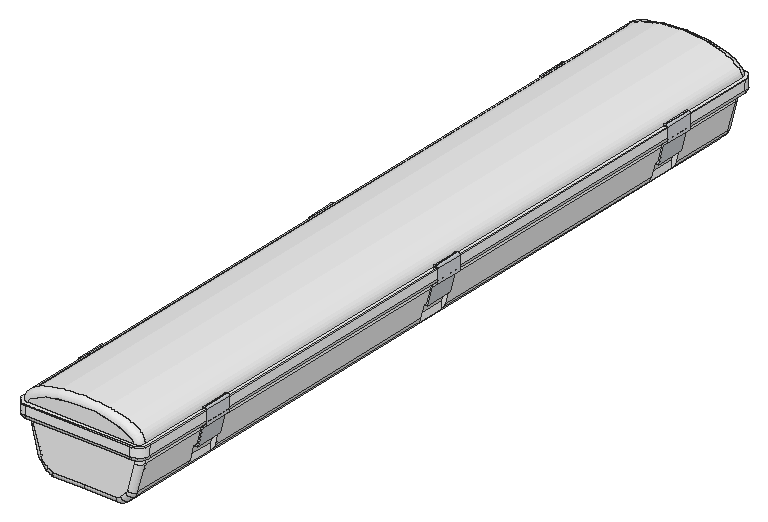
Revit family "0048770 Feilo Sylvania Lighting Fixture HYDROPROOF LED G3 600MM T 4K", category Lighting Fixtures, host Face, Revit 2016
Family settings
  Host = Face
  Part Type = Normal
  Round Connector Dimension = Use Diameter
  OmniClass Number = 23.80.70.11.14
  OmniClass Title = General Luminaries, Directional
  Cut with Voids When Loaded = No
  Light Source = Yes
  Shared = No
  Room Calculation Point = No
Parameters (values of type "0048770 HYDROPROOF LED G3 600MM T 4K  ")
  Width = 110 mm
  Weight = "1.18 kg"
  Wattage Comments = "n/a"
  Wattage = 19 W
  WarrantyStartDate [instance] = "n/a"
  WarrantyGuarantorParts = "n/a"
  WarrantyDurationUnit = "n/a"
  WarrantyDurationParts = "n/a"
  WarrantyDescription = "n/a"
  built-in parameter 1150110 = 1 (stored number, unit not read)
  Voltage = 230 V
  URL = "http://www.sylvania-lighting.com"
  TypeName = "HYDROPROOF LED G3 600MM T 4K"
  Type Image = <None>
  Type Comments = "n/a"
  built-in parameter 1114217 = 1 (stored number, unit not read)
  Tilt Angle = -90.00°
  built-in parameter 1150109 = 1 (stored number, unit not read)
  built-in parameter 1150134 = 12
  built-in parameter 1150113 = 1 (stored number, unit not read)
  SerialNumber [instance] = "n/a"
  ReflectorMaterial = none
  PowerFactor = 0
  PowerConsumption = "19 W"
  Photometric Web File = "0048770.ies"
  NominalWidth = 0 mm
  NominalLength = 665 mm
  NominalHeight = 78 mm
  Name = "HYDROPROOF LED G3 600MM T 4K"
  ModelReference = "HYDROPROOF LED G3 600MM T 4K"
  ModelNumber = "0048770"
  Model = "HYDROPROOF LED G3 600MM T 4K"
  Material = "grp housing, pmma diffuser"
  ManufacturerName = "Feilo Sylvania"
  Manufacturer = "Feilo Sylvania"
  LuminousEfficacy = "145 lm/W"
  built-in parameter 1150105 = 219.24 (stored number, unit not read)
  Lumens = 2755 lm
  LuminaireType = ""
  built-in parameter 1150115 = 1 (stored number, unit not read)
  LightOutputRatio = "n/a"
  built-in parameter 1150137 = (empty or 0)
  built-in parameter 1150139 = (empty or 0)
  Length = 665 mm
  LampsType = Lamp  # "LED"
  LampNominalLuminous = "2800 lm"
  LampMacAdamStep = "3"
  LampColourTemperature = "4000 K"
  LampColourRenderingIndex = "80"
  built-in parameter 1150112 = 1 (stored number, unit not read)
  built-in parameter 1150114 = 1 (stored number, unit not read)
  Lamp = "LED"
  Keynote = "16500"
  InstallationDate [instance] = "n/a"
  InputVoltage = "220-240V~"
  InputNominalFrequency = "50/60 Hz"
  built-in parameter 1150132 = (empty or 0)
  built-in parameter 1150102 = (empty or 0)
  built-in parameter 1150107 = 4000 (stored number, unit not read)
  built-in parameter 1150138 = (empty or 0)
  IngressProtection = "IP65"
  ImpactProtectionIndex = "IK02"
  built-in parameter 1150106 = 2.1924 (stored number, unit not read)
  IfcExportType = "IfcLightFixtureType"
  IfcExportAs = "IfcLightFixtureType"
  ExpectedLife = 50000
  Emit from Rectangle Width = Width - 20 mm  # 90 mm
  Emit from Rectangle Length = Length - 20 mm  # 645 mm
  Emit Shape Visible in Rendering = no
  ElectricShockClassification = "Class I"
  built-in parameter 1150104 = 13.471 (stored number, unit not read)
  DurationUnit = "hours"
  DocumentationLiterature = "http://www.sylvania-lighting.com/product/en-int/products/0048770"
  DimmingControlOptions = "Non dimmable"
  Dimming Lamp Color Temperature Shift = <None>
  DiffuserMaterial = Diffuser-Sylvania-Transparent
  Description = "Hydroproof, integrated LED chemical resistant weatherproof luminaire, with UV stabilized flat diffuser and linear prisms designed to achieve uniform lit appearance, optimise light output and to reduce glare, stainless steel diffuser clips and fixing brackets for surface and wall mounting. L 665 mm x W 110 mm x H 78 mm size, GRP housing, PMMA diffuser, Non dimmable,   4000K, CRI80,  2800 lm, 19 W, 145 lm/W, nominal average life (h):50000, energy class: A++ A+ A Class I,IK02, IP65."
  Default Elevation = 1219.2 mm
  CreatedOn = "3/27/2018"
  CreatedBy = "aron.fodor@feilosylvania.com"
  Cost = 0
  Color Filter = 16777215
  built-in parameter 1114216 [instance] = (empty or 0)
  ClassificationValue = "EF_70_80"
  ClassificationName = "Uniclass2015"
  BracketOffset_FEILO = 360 mm
  BodyMaterial = Body-Sylvania-Gray
  BarCode [instance] = "n/a"
  built-in parameter 1114218 = 1 (stored number, unit not read)
  built-in parameter 1150133 = 10 (stored number, unit not read)
  AssetType = "Fixed"
  AssetIdentifier [instance] = "n/a"
  Assembly Code = "D5020200"
  Apparent Load = 19 VA
  AccessoryMaterial = Diffuser-Sylvania-Glow
Reference planes
  plane 1 "Center (Front/Back)": y = 0
  plane 2: z = 0
  plane 3 "Center (Left/Right)": x = 0
  plane 4: z = 54
  plane 5: x = -27.7
  plane 6: x = -34.8
  plane 7: x = -39.6
  plane 8: x = -42.2
  plane 9: z = 3
  plane 10: z = 7.8
  plane 11: z = 12.3
  plane 12: z = 36.6
  plane 13: z = 42.8
  plane 14: x = -51.1
  plane 15: z = 46.2
  plane 16: x = -55
  plane 17: y = 332.5
  plane 18: y = -332.5
  plane 19: x = 27.7
  plane 20: x = 34.8
  plane 21: x = 39.6
  plane 22: x = 42.2
  plane 23: x = 51.1
  plane 24: x = 55
  plane 25: y = 324.9
  plane 26: y = -324.9
  plane 27: y = -321.2
  plane 28: y = 321.2
  plane 29: z = 74
  plane 30: x = -51.5
  plane 31: x = 51.5
  plane 32: z = 55.2
  plane 33: y = -329
  plane 34: y = 329
  plane 35: x = -37.5
  plane 36: x = 37.5
  plane 37: x = -48.7
  plane 38: x = 48.7
  plane 39: x = 18
  plane 40: x = -18
  plane 41: z = 50.2
  plane 42: z = 24.6
  plane 43: y = 720
  plane 44: y = 706
  plane 45: y = 734
  plane 46: y = 250
  plane 47: y = 236
  plane 48: y = 264
  plane 49: y = 0
  plane 50: y = -14
  plane 51: y = 14
  plane 52: y = -250
  plane 53: y = -264
  plane 54: y = -236
Forms (mm)
  Sweep 1, solid, material "Body-Sylvania-Gray" <- "BodyMaterial", detail levels medium+fine
    path origin (1223.4, -4572, 54) x (0, -1, 0) y (1, 0, 0)
      loop
        arc (-4249.5, -1278.4) -> (-4242.429, -1275.471) -> (-4239.5, -1268.4) r 10
        line (-4239.5, -1268.4) -> (-4239.5, -1178.4)
        arc (-4239.5, -1178.4) -> (-4242.429, -1171.329) -> (-4249.5, -1168.4) r 10
        line (-4249.5, -1168.4) -> (-4894.5, -1168.4)
        arc (-4894.5, -1168.4) -> (-4901.571, -1171.329) -> (-4904.5, -1178.4) r 10
        line (-4904.5, -1178.4) -> (-4904.5, -1268.4)
        arc (-4904.5, -1268.4) -> (-4901.571, -1275.471) -> (-4894.5, -1278.4) r 10
        line (-4894.5, -1278.4) -> (-4249.5, -1278.4)
    profile origin (-55, 0, 54) x (-1, 0, 0) y (0, 0, 1)
      loop
        line (0, 0) -> (-1, 0) -> (-1, -7.726)
        arc (-1, -7.726) -> (-1.994, -9.498) -> (-3.9, -10.2) r 2.937
        line (-3.9, -10.2) -> (-8.571, -10.2) -> (-8.571, -11.2) -> (-3.9, -11.2)
        arc (-3.9, -11.2) -> (-1.313, -10.231) -> (0, -7.8) r 3.937
        line (0, -7.8) -> (0, 0)
  Sweep 2, solid, material "Body-Sylvania-Gray" <- "BodyMaterial", detail levels medium+fine
    path origin (0, 0, 0) x (1, 0, 0) y (0, 0, 1)
      loop
        line (48.7, 42.8) -> (48.7, 36.6) -> (42.203, 12.31)
        arc (42.203, 12.31) -> (41.199, 9.884) -> (39.6, 7.8) r 10.052
        line (39.6, 7.8) -> (34.8, 3)
        arc (34.8, 3) -> (31.554, 0.781) -> (27.7, 0) r 9.902
        line (27.7, 0) -> (0, 0) -> (-27.7, 0)
        arc (-27.7, 0) -> (-31.554, 0.781) -> (-34.8, 3) r 9.902
        line (-34.8, 3) -> (-39.6, 7.8)
        arc (-39.6, 7.8) -> (-41.199, 9.884) -> (-42.203, 12.31) r 10.052
        line (-42.203, 12.31) -> (-48.7, 36.6) -> (-48.7, 42.8)
    profile origin (0, 0, 0) x (0, 0, -1) y (0, -1, 0)
      loop
        arc (0, 319.9) -> (-1.464, 323.436) -> (-5, 324.9) r 5
        line (-5, 324.9) -> (-7.8, 324.9) -> (-7.8, -324.9) -> (-5, -324.9)
        arc (-5, -324.9) -> (-1.464, -323.436) -> (0, -319.9) r 5
        line (0, -319.9) -> (0, 319.9)
  Extrusion 3, solid, material "Body-Sylvania-Gray" <- "BodyMaterial", detail levels medium+fine
    sketch origin (1524, 324.9, 1219.2) x (1, 0, 0) y (0, 0, 1)
      loop
        arc (-1558.668, -1204.874) -> (-1558.443, -1205.418) -> (-1558.085, -1205.885) r 2.252
        line (-1558.085, -1205.885) -> (-1553.231, -1210.738)
        arc (-1553.231, -1210.738) -> (-1552.534, -1211.227) -> (-1551.7, -1211.4) r 2.102
        line (-1551.7, -1211.4) -> (-1496.3, -1211.4)
        arc (-1496.3, -1211.4) -> (-1495.466, -1211.227) -> (-1494.769, -1210.738) r 2.102
        line (-1494.769, -1210.738) -> (-1489.915, -1205.885)
        arc (-1489.915, -1205.885) -> (-1489.557, -1205.418) -> (-1489.332, -1204.874) r 2.252
        line (-1489.332, -1204.874) -> (-1483.1, -1181.575) -> (-1483.1, -1176.4) -> (-1564.9, -1176.4) -> (-1564.9, -1181.575) -> (-1558.668, -1204.874)
    from 0 to 649.8
  Sweep 4, solid, material "Diffuser-Sylvania-Transparent" <- "DiffuserMaterial", detail levels medium+fine
    path origin (0, 0, 0) x (1, 0, 0) y (0, 0, 1)
      loop
        spline (-51.5, 55.2) -> (-49.745, 60.066) -> (-44.6, 64.6) -> (-36.416, 68.494) -> (-25.75, 71.481) -> (-13.329, 73.359) -> (0, 74) -> (13.329, 73.359) -> (25.75, 71.481) -> (36.416, 68.494) -> (44.6, 64.6) -> (49.745, 60.066) -> (51.5, 55.2)
    profile origin (51.5, 0, 55.2) x (0, -1, 0) y (1, 0, 0)
      loop
        arc (329, -5.5) -> (327.389, -1.611) -> (323.5, 0) r 5.5
        line (323.5, 0) -> (-323.5, 0)
        arc (-323.5, 0) -> (-327.389, -1.611) -> (-329, -5.5) r 5.5
        line (-329, -5.5) -> (-329, -6.3) -> (-328, -6.3) -> (-328, -5.5)
        arc (-328, -5.5) -> (-326.682, -2.318) -> (-323.5, -1) r 4.5
        line (-323.5, -1) -> (323.5, -1)
        arc (323.5, -1) -> (326.682, -2.318) -> (328, -5.5) r 4.5
        line (328, -5.5) -> (328, -6.347) -> (329, -6.347) -> (329, -5.5)
  Extrusion 5, solid, material "Diffuser-Sylvania-Transparent" <- "DiffuserMaterial", detail levels medium+fine
    sketch origin (1524, -329, 1219.2) x (1, 0, 0) y (0, 0, 1)
      loop
        line (-1569.653, -1164) -> (-1478.347, -1164)
        spline (-1478.347, -1164) -> (-1478.969, -1162.594) -> (-1482.527, -1159.545) -> (-1489.588, -1156.201) -> (-1499.458, -1153.445) -> (-1511.242, -1151.663) -> (-1524, -1151.049) -> (-1536.758, -1151.663) -> (-1548.542, -1153.445) -> (-1558.412, -1156.201) -> (-1565.473, -1159.545) -> (-1569.031, -1162.594) -> (-1569.653, -1164)
    from 0 to -1
  Extrusion 6, solid, material "Diffuser-Sylvania-Transparent" <- "DiffuserMaterial", detail levels medium+fine
    sketch origin (1524, 329, 1219.2) x (1, 0, 0) y (0, 0, 1)
      loop
        spline (-1478.3, -1164) -> (-1478.931, -1162.565) -> (-1482.502, -1159.505) -> (-1489.572, -1156.155) -> (-1499.446, -1153.394) -> (-1511.236, -1151.614) -> (-1524, -1151.007) -> (-1536.764, -1151.614) -> (-1548.554, -1153.394) -> (-1558.428, -1156.155) -> (-1565.498, -1159.505) -> (-1569.069, -1162.565) -> (-1569.7, -1164)
        line (-1569.7, -1164) -> (-1478.3, -1164)
    from 0 to 1
  Extrusion 7, solid, material "Diffuser-Sylvania-Transparent" <- "DiffuserMaterial", detail levels medium+fine
    sketch origin (1223.4, -4572, 55.2) x (0, -1, 0) y (-1, 0, 0)
      loop
        arc (-4900, 1177.4) -> (-4898.682, 1174.218) -> (-4895.5, 1172.9) r 4.5
        line (-4895.5, 1172.9) -> (-4248.5, 1172.9)
        arc (-4248.5, 1172.9) -> (-4245.318, 1174.218) -> (-4244, 1177.4) r 4.5
        line (-4244, 1177.4) -> (-4244, 1269.4)
        arc (-4244, 1269.4) -> (-4245.318, 1272.582) -> (-4248.5, 1273.9) r 4.5
        line (-4248.5, 1273.9) -> (-4895.5, 1273.9)
        arc (-4895.5, 1273.9) -> (-4898.682, 1272.582) -> (-4900, 1269.4) r 4.5
        line (-4900, 1269.4) -> (-4900, 1177.4)
      loop
        line (-4904.5, 1268.4) -> (-4904.5, 1178.4)
        arc (-4904.5, 1178.4) -> (-4901.571, 1171.329) -> (-4894.5, 1168.4) r 10
        line (-4894.5, 1168.4) -> (-4249.5, 1168.4)
        arc (-4249.5, 1168.4) -> (-4242.429, 1171.329) -> (-4239.5, 1178.4) r 10
        line (-4239.5, 1178.4) -> (-4239.5, 1268.4)
        arc (-4239.5, 1268.4) -> (-4242.429, 1275.471) -> (-4249.5, 1278.4) r 10
        line (-4249.5, 1278.4) -> (-4894.5, 1278.4)
        arc (-4894.5, 1278.4) -> (-4901.571, 1275.471) -> (-4904.5, 1268.4) r 10
    from 0 to 1.2
  Extrusion 8, solid, material "Diffuser-Sylvania-Glow" <- "AccessoryMaterial", detail levels fine
    sketch origin (0, 0, 0) x (1, 0, 0) y (0, 0, 1)
      loop
        circle (-18, 50.2) r 8
      loop
        circle (18, 50.2) r 8
    from -321.2 to 321.2
  Extrusion 9, solid, material "Body-Sylvania-Gray" <- "BodyMaterial", detail levels coarse
    sketch origin (0, 0, 0) x (1, 0, 0) y (0, 0, 1)
      loop
        line (55, 42.8) -> (55, 55.2) -> (-55, 55.2) -> (-55, 42.791) -> (-42.2, 0) -> (42.2, 0) -> (55, 42.8)
    from -332.5 to 332.5
  Extrusion 10, solid, material "Diffuser-Sylvania-Transparent" <- "DiffuserMaterial", detail levels coarse
    sketch origin (0, 0, 0) x (1, 0, 0) y (0, 0, 1)
      loop
        arc (51.5, 55.2) -> (0, 74) -> (-51.5, 55.2) r 79.939
        line (-51.5, 55.2) -> (51.5, 55.2)
    from 324.9 to -324.9
  Extrusion 11, void, not visible
    sketch origin (0, 720, 2343.807) x (0, 0, -1) y (-1, 0, 0)
      loop
        line (2340.807, -37.5) -> (2331.507, -37.5) -> (2319.207, -42.2) -> (2319.207, -48.7) -> (2340.807, -48.7) -> (2340.807, -37.5)
      loop
        line (2340.807, 37.5) -> (2340.807, 48.7) -> (2319.207, 48.7) -> (2319.207, 42.2) -> (2331.507, 37.5) -> (2340.807, 37.5)
    from -14 to 14
  Extrusion 12, void
    sketch origin (0, 250, 2343.807) x (0, 0, -1) y (-1, 0, 0)
      loop
        line (2340.807, -37.5) -> (2331.507, -37.5) -> (2319.207, -42.2) -> (2319.207, -48.7) -> (2340.807, -48.7) -> (2340.807, -37.5)
      loop
        line (2340.807, 37.5) -> (2340.807, 48.7) -> (2319.207, 48.7) -> (2319.207, 42.2) -> (2331.507, 37.5) -> (2340.807, 37.5)
    from -14 to 14
  Extrusion 13, void
    sketch origin (0, 0, 2343.807) x (0, 0, -1) y (-1, 0, 0)
      loop
        line (2340.807, -37.5) -> (2331.507, -37.5) -> (2319.207, -42.2) -> (2319.207, -48.7) -> (2340.807, -48.7) -> (2340.807, -37.5)
      loop
        line (2340.807, 37.5) -> (2340.807, 48.7) -> (2319.207, 48.7) -> (2319.207, 42.2) -> (2331.507, 37.5) -> (2340.807, 37.5)
    from -14 to 14
  Extrusion 14, void
    sketch origin (0, -250, 2343.807) x (0, 0, -1) y (-1, 0, 0)
      loop
        line (2340.807, -37.5) -> (2331.507, -37.5) -> (2319.207, -42.2) -> (2319.207, -48.7) -> (2340.807, -48.7) -> (2340.807, -37.5)
      loop
        line (2340.807, 37.5) -> (2340.807, 48.7) -> (2319.207, 48.7) -> (2319.207, 42.2) -> (2331.507, 37.5) -> (2340.807, 37.5)
    from -14 to 14
Cuts and joins
  Extrusion 12, Extrusion 13, Extrusion 14 cuts Sweep 2
  Extrusion 12, Extrusion 13, Extrusion 14 cuts Extrusion 3
  joined: Sweep 2, Extrusion 3
  joined: Sweep 4, Extrusion 5, Extrusion 6
Dimensions and locks
  locked: plane 4 to plane 2 at 54
  plane 5 to plane 6 to plane 7 to plane 8 to plane 14 to plane 16 = 7.1 mm locked, 4.8 mm locked, 2.6 mm locked, 8.9 mm, 3.9 mm
  plane 4 to plane 15 to plane 13 to plane 12 to plane 11 to plane 10 to plane 9 = 7.8 mm locked, 3.4 mm, 6.2 mm locked, 24.3 mm locked, 4.5 mm locked, 4.8 mm locked
  equal spacing: plane 18, plane 1 "Center (Front/Back)", plane 17
  "Length": plane 18 to plane 17
  plane 19 to plane 20 to plane 21 to plane 22 to plane 23 to plane 24 = 7.1 mm locked, 4.8 mm locked, 2.6 mm locked, 8.9 mm, 3.9 mm
  equal spacing: plane 24, plane 3 "Center (Left/Right)", plane 16
  "Width": plane 24 to plane 16
  equal spacing: plane 27, plane 1 "Center (Front/Back)", plane 28
  locked: plane 26 to plane 27 at 3.7
  locked: Sweep 1 sketch curve to profile plane at 1
  locked: Sweep 1 sketch curve to plane 13 at 1
  locked: Sweep 1 sketch curve to plane 13 at 3.937  (x2)
  locked: Sweep 1 sketch curve to profile plane at 3.9  (x2)
  locked: plane 29 to plane 4 at 20
  equal spacing: plane 31, plane 3 "Center (Left/Right)", plane 30
  locked: plane 30 to plane 16 at 3.5
  locked: plane 32 to plane 4 at 1.2
  equal spacing: plane 33, plane 1 "Center (Front/Back)", plane 34
  equal spacing: plane 36, plane 3 "Center (Left/Right)", plane 35
  locked: plane 3 "Center (Left/Right)" to plane 35 at 37.5
  locked: plane 34 to plane 17 at 3.5
  equal spacing: plane 38, plane 3 "Center (Left/Right)", plane 37
  locked: plane 37 to plane 16 at 6.3
  equal spacing: plane 25, plane 1 "Center (Front/Back)", plane 26
  locked: plane 17 to plane 25 at 7.6
  locked: Sweep 2 sketch curve to plane 2 at 5  (x2)
  locked: Sweep 2 sketch curve to plane 26 at 5
  locked: plane 25 to Sweep 2 sketch curve at 5
  locked: Sweep 4 sketch curve to plane 31 at 5.5  (x2)
  locked: Sweep 4 sketch curve to plane 34 at 5.5
  plane 33 to Sweep 4 sketch curve = 5.5 mm
  locked: plane 34 to Sweep 4 sketch curve at 1
  locked: Sweep 4 sketch curve to plane 31 at 1
  locked: Sweep 4 sketch curve to Sweep 4 sketch curve at 1
  locked: Sweep 4 sketch curve to plane 31 at 6.347
  locked: Sweep 4 sketch curve to plane 31 at 6.3
  equal spacing: plane 39, plane 3 "Center (Left/Right)", plane 40
  locked: plane 3 "Center (Left/Right)" to plane 40 at 18
  locked: plane 42 to plane 2 at 24.6
  plane 45 to plane 43 to plane 44 = 14 mm locked, 14 mm locked
  plane 48 to plane 46 to plane 47 = 14 mm locked, 14 mm locked
  plane 51 to plane 49 to plane 50 = 14 mm locked, 14 mm locked
  plane 54 to plane 52 to plane 53 = 14 mm locked, 14 mm locked
  equal spacing: plane 46, plane 1 "Center (Front/Back)", plane 52
  locked: plane 46 to plane 1 "Center (Front/Back)" at 250
  aligned and locked: plane 2 to host face
  aligned and locked: level to host face
  aligned and locked: plane 16 to Sweep 1 sketch curve
  aligned and locked: Sweep 1 sketch curve to plane 24
  aligned and locked: plane 18 to Sweep 1 sketch curve
  aligned and locked: Sweep 1 sketch curve to plane 13
  aligned and locked: profile plane to Sweep 1 sketch curve
  aligned and locked: plane 3 "Center (Left/Right)" to Sweep 2 sketch curve
  aligned and locked: plane 9 to Sweep 2 sketch curve
  aligned and locked: plane 10 to Sweep 2 sketch curve
  aligned and locked: plane 37 to Sweep 2 sketch curve
  aligned and locked: plane 12 to Sweep 2 sketch curve
  aligned and locked: Sweep 2 sketch curve to level
  aligned and locked: plane 21 to Sweep 2 sketch curve
  aligned and locked: plane 38 to Sweep 2 sketch curve
  aligned and locked: profile plane to Sweep 2 sketch curve
  aligned and locked: plane 25 to Sweep 2 sketch curve
  aligned and locked: Sweep 2 sketch curve to plane 10
  aligned and locked: Extrusion 3 sketch curve to Sweep 2  (x7)
  aligned and locked: Sweep 2 to Extrusion 3 sketch curve
  aligned and locked: Extrusion 3 to plane 25
  aligned and locked: plane 26 to Extrusion 3
  aligned and locked: plane 32 to Sweep 4 sketch curve
  aligned and locked: plane 33 to Sweep 4 sketch curve
  aligned and locked: Sweep 4 to Extrusion 5
  aligned and locked: plane 33 to Extrusion 5
  aligned and locked: Extrusion 5 sketch curve to Sweep 4
  aligned and locked: cut or joined group of Sweep 4, Extrusion 5, Extrusion 6 to Extrusion 6 sketch curve
  aligned and locked: Extrusion 7 sketch curve to cut or joined group of Sweep 4, Extrusion 5, Extrusion 6  (x2)
  aligned and locked: cut or joined group of Sweep 4, Extrusion 5, Extrusion 6 to Extrusion 7 sketch curve  (x2)
  aligned and locked: plane 41 to Extrusion 8 sketch curve  (x2)
  aligned and locked: plane 39 to Extrusion 8 sketch curve
  aligned and locked: plane 27 to Extrusion 8
  aligned and locked: Extrusion 8 to plane 28
  aligned and locked: Extrusion 7 sketch curve to Sweep 1  (x4)
  aligned and locked: plane 4 to Extrusion 7
  aligned and locked: Extrusion 7 to plane 32
  aligned and locked: Extrusion 9 sketch curve to plane 24
  aligned and locked: Extrusion 9 sketch curve to Extrusion 7
  aligned and locked: plane 8 to Extrusion 9 sketch curve
  aligned and locked: plane 22 to Extrusion 9 sketch curve
  aligned and locked: level to Extrusion 9 sketch curve
  aligned and locked: Extrusion 9 to plane 17
  aligned and locked: plane 18 to Extrusion 9
  aligned and locked: cut or joined group of Sweep 4, Extrusion 5, Extrusion 6 to Extrusion 10 sketch curve
  aligned and locked: Extrusion 10 sketch curve to cut or joined group of Sweep 4, Extrusion 5, Extrusion 6  (x2)
  aligned and locked: plane 31 to Extrusion 10 sketch curve
  aligned and locked: plane 30 to Extrusion 10 sketch curve
  aligned and locked: plane 26 to Extrusion 10
  aligned and locked: Extrusion 10 to plane 25
  aligned and locked: imposter light to plane 29
  aligned and locked: plane 3 "Center (Left/Right)" to imposter light
  aligned and locked: plane 1 "Center (Front/Back)" to imposter light
  aligned and locked: plane 47 to Extrusion 12
  aligned and locked: Extrusion 12 to plane 48
  aligned and locked: plane 50 to Extrusion 13
  aligned and locked: Extrusion 13 to plane 51
  aligned and locked: plane 53 to Extrusion 14
  aligned and locked: Extrusion 14 to plane 54
  aligned and locked: nested 1 to plane 46
  aligned and locked: plane 46 to nested 6
  aligned and locked: nested 2 to plane 49
  aligned and locked: plane 49 to nested 5
  aligned and locked: nested 3 to plane 52
  aligned and locked: plane 52 to nested 4
  aligned and locked: plane 49 to plane 1 "Center (Front/Back)"
Automatic sketch dimensions
  host sketch curve to host sketch curve = 2438.4 mm  (x2)
  plane 17 to Sweep 1 sketch curve = 0 mm
  Sweep 1 sketch curve to plane 28 = 1.3 mm
  Sweep 1 sketch curve to plane 7 = 5.4 mm
  plane 27 to Sweep 1 sketch curve = 1.3 mm  (x2)
  Sweep 1 sketch curve to Sweep 1 sketch curve = 4.671 mm
  Sweep 1 sketch curve to plane 4 = 0 mm
  Sweep 2 sketch curve to plane 7 = 0 mm
  Sweep 2 sketch curve to plane 6 = 0 mm
  Sweep 2 sketch curve to plane 5 = 0 mm
  plane 19 to Sweep 2 sketch curve = 0 mm
  Sweep 2 sketch curve to plane 9 = 0 mm
  plane 20 to Sweep 2 sketch curve = 0 mm
  Sweep 2 sketch curve to plane 12 = 0 mm
  Sweep 2 sketch curve to plane 10 = 0 mm
  Sweep 2 sketch curve to plane 13 = 0 mm  (x2)
  Sweep 2 sketch curve to plane 8 = 0.003 mm
  plane 6 to Sweep 2 sketch curve = 2.308 mm
  plane 20 to Sweep 2 sketch curve = 2.308 mm
  Sweep 2 sketch curve to plane 22 = 0.003 mm
  Sweep 2 sketch curve to plane 11 = 0.01 mm  (x2)
  Extrusion 3 sketch curve to plane 5 = 0 mm
  plane 19 to Extrusion 3 sketch curve = 0 mm
  plane 6 to Extrusion 3 sketch curve = 0.132 mm
  plane 6 to Extrusion 3 sketch curve = 0.715 mm
  Extrusion 3 sketch curve to Extrusion 3 sketch curve = 1.592 mm
  Extrusion 3 sketch curve to plane 10 = 0.662 mm  (x2)
  plane 20 to Extrusion 3 sketch curve = 2.308 mm
  plane 20 to Extrusion 3 sketch curve = 0.715 mm
  plane 20 to Extrusion 3 sketch curve = 0.132 mm
  Sweep 4 sketch curve to plane 30 = 0 mm
  Sweep 4 sketch curve to plane 3 "Center (Left/Right)" = 0 mm
  Sweep 4 sketch curve to Sweep 4 sketch curve = 0 mm  (x2)
  plane 37 to Extrusion 5 sketch curve = 3.047 mm
  Extrusion 5 sketch curve to plane 38 = 3.047 mm
  plane 37 to Extrusion 6 sketch curve = 3 mm
  Extrusion 6 sketch curve to plane 38 = 3 mm
  plane 25 to Extrusion 7 sketch curve = 1.4 mm  (x2)
  Extrusion 7 sketch curve to plane 26 = 1.4 mm  (x2)
  Extrusion 8 sketch curve to plane 40 = 0 mm
  Extrusion 9 sketch curve to plane 13 = 0 mm
  plane 13 to Extrusion 9 sketch curve = 0.009 mm
  Extrusion 10 sketch curve to level = 5.939 mm
  Extrusion 9 sketch curve to plane 16 = 0 mm
  Extrusion 11 sketch curve to Extrusion 11 sketch curve = 0 mm
  Extrusion 11 sketch curve to Extrusion 11 sketch curve = 12.3 mm  (x2)
  Extrusion 11 sketch curve to Extrusion 11 sketch curve = 9.3 mm  (x2)
  Extrusion 11 sketch curve to Extrusion 11 sketch curve = 6.5 mm
  Extrusion 11 sketch curve to Extrusion 11 sketch curve = 4.7 mm  (x2)
  Extrusion 11 sketch curve to Extrusion 11 sketch curve = 75 mm
  Extrusion 11 sketch curve to Extrusion 11 sketch curve = 11.2 mm
  Extrusion 12 sketch curve to Extrusion 12 sketch curve = 0 mm
  Extrusion 12 sketch curve to Extrusion 12 sketch curve = 12.3 mm  (x2)
  Extrusion 12 sketch curve to Extrusion 12 sketch curve = 9.3 mm  (x2)
  Extrusion 12 sketch curve to Extrusion 12 sketch curve = 6.5 mm
  Extrusion 12 sketch curve to Extrusion 12 sketch curve = 4.7 mm  (x2)
  Extrusion 12 sketch curve to Extrusion 12 sketch curve = 75 mm
  Extrusion 12 sketch curve to Extrusion 12 sketch curve = 11.2 mm
  Extrusion 13 sketch curve to Extrusion 13 sketch curve = 0 mm
  Extrusion 13 sketch curve to Extrusion 13 sketch curve = 12.3 mm  (x2)
  Extrusion 13 sketch curve to Extrusion 13 sketch curve = 9.3 mm  (x2)
  Extrusion 13 sketch curve to Extrusion 13 sketch curve = 6.5 mm
  Extrusion 13 sketch curve to Extrusion 13 sketch curve = 4.7 mm  (x2)
  Extrusion 13 sketch curve to Extrusion 13 sketch curve = 75 mm
  Extrusion 13 sketch curve to Extrusion 13 sketch curve = 11.2 mm
  Extrusion 14 sketch curve to Extrusion 14 sketch curve = 0 mm
  Extrusion 14 sketch curve to Extrusion 14 sketch curve = 12.3 mm  (x2)
  Extrusion 14 sketch curve to Extrusion 14 sketch curve = 9.3 mm  (x2)
  Extrusion 14 sketch curve to Extrusion 14 sketch curve = 6.5 mm
  Extrusion 14 sketch curve to Extrusion 14 sketch curve = 4.7 mm  (x2)
  Extrusion 14 sketch curve to Extrusion 14 sketch curve = 75 mm
  Extrusion 14 sketch curve to Extrusion 14 sketch curve = 11.2 mm
  radius of Extrusion 8 sketch curve = 8 mm  (x2)
Nested families
  nested 1: "Clip" at (-42.2, 250, 24.6) x (-1, 0, 0) z (0, 0, 1), type "Clip", detail levels fine
  nested 2: "Clip" at (-42.2, 0, 24.6) x (-1, 0, 0) z (0, 0, 1), type "Clip", detail levels fine
  nested 3: "Clip" at (-42.2, -250, 24.6) x (-1, 0, 0) z (0, 0, 1), type "Clip", detail levels fine
  nested 4: "Clip" at (42.2, -250, 24.6), type "Clip", detail levels fine
  nested 5: "Clip" at (42.2, 0, 24.6), type "Clip", detail levels fine
  nested 6: "Clip" at (42.2, 250, 24.6), type "Clip", detail levels fine
Connectors
  electrical at (0, 0, 0), driven by "Apparent Load"
    settings: index 1, voltage 230 V, apparent load 19 VA, apparent load phase1 0 VA, apparent load phase2 0 VA, apparent load phase3 0 VA, power factor 0, load classification "Lighting", number of poles 1, system type 30, power factor state 1, is connector primary yes, connector utility no, sub classification motor no, connector description ""
Definition of nested family "Clip"
  Parameters (values of type "Clip")
    URL = "http://www.feilosylvania.com"
    Type Comments = "n/a"
    Model = "n/a"
    Manufacturer = "Feilo Sylvania"
    Keynote = "n/a"
    Description = "n/a"
    Default Elevation = 1219.2 mm
    Cost = 0
    BodyMaterial = none
    Assembly Code = "n/a"
  Reference planes
    plane 1 "Center (Front/Back)": y = 0
    plane 2: z = 0
    plane 3 "Center (Left/Right)": x = 0
    plane 4: x = 3.3
    plane 5: x = 6.5
    plane 6: x = 8.9
    plane 7: x = 12.8
    plane 8: z = 12
    plane 9: z = 18.2
    plane 10: z = 21.6
    plane 11: z = 30.6
    plane 12: x = 9.3
    plane 13: z = 19.2
    plane 14: z = 16.2
    plane 15: x = 10.1
    plane 16: y = 12
    plane 17: y = -12
  Forms (mm)
    Extrusion 1, solid
      sketch origin (-0.8, 0, 0) x (1, 0, 0) y (0, 1, 0)
        loop
          line (-1219.2, 1219.2) -> (-1219.2, -1219.2) -> (1219.2, -1219.2) -> (1219.2, 1219.2) -> (-1219.2, 1219.2)
      from 0 to -304.8
    Extrusion 2, solid
      sketch origin (0, 0, 0) x (1, 0, 0) y (0, 0, 1)
        loop
          line (8.9, 16.2) -> (4.58, 0) -> (0, 0) -> (0, -0.8) -> (5.195, -0.8) -> (9.603, 15.731) -> (13.6, 18.806) -> (13.6, 30.6)
          arc (13.6, 30.6) -> (11.45, 32.75) -> (9.3, 30.6) r 2.15
          line (9.3, 30.6) -> (10.1, 30.6)
          arc (10.1, 30.6) -> (11.45, 31.95) -> (12.8, 30.6) r 1.35
          line (12.8, 30.6) -> (12.8, 19.2) -> (8.9, 16.2)
      from -12 to 12
  Lines and regions (mm)
    reference lines
      curve 1: line (3.3, 0, 0) -> (6.5, 0, 12)
      curve 2: arc (8.9, 0, 18.2) -> (11.488, 0, 19.169) -> (12.8, 0, 21.6) r 3.934
  Dimensions and locks
    plane 7 to plane 6 to plane 5 to plane 4 to plane 3 "Center (Left/Right)" = 3.9 mm locked, 2.4 mm locked, 3.2 mm locked, 3.3 mm locked
    plane 11 to plane 10 to plane 9 to plane 8 to plane 2 = 9 mm locked, 3.4 mm locked, 6.2 mm locked, 12 mm locked
    locked: plane 7 to plane 12 at 3.5
    locked: plane 13 to plane 9 at 1
    locked: plane 9 to plane 14 at 2
    locked: plane 15 to plane 12 at 0.8
    locked: plane 2 to Extrusion 2 sketch curve at 0.8
    locked: Extrusion 2 sketch curve to Extrusion 2 sketch curve at 0.8  (x3)
    locked: plane 7 to Extrusion 2 sketch curve at 1.35
    equal spacing: plane 17, plane 1 "Center (Front/Back)", plane 16
    locked: plane 1 "Center (Front/Back)" to plane 16 at 12
    aligned and locked: plane 2 to Extrusion 1
    aligned and locked: level to Extrusion 1
    aligned and locked: plane 4 to curve 1
    aligned and locked: plane 5 to curve 1
    aligned and locked: plane 6 to curve 2
    aligned and locked: plane 10 to curve 2
    aligned and locked: plane 14 to Extrusion 2 sketch curve
    aligned and locked: plane 13 to Extrusion 2 sketch curve
    aligned and locked: plane 7 to Extrusion 2 sketch curve
    aligned and locked: plane 3 "Center (Left/Right)" to Extrusion 2 sketch curve
    aligned and locked: Extrusion 2 sketch curve to level
    aligned and locked: Extrusion 2 sketch curve to plane 11
    aligned and locked: plane 11 to Extrusion 2 sketch curve
    aligned and locked: Extrusion 2 to plane 16
    aligned and locked: plane 17 to Extrusion 2
  Automatic sketch dimensions
    Extrusion 1 sketch curve to Extrusion 1 sketch curve = 2438.4 mm  (x2)
    curve 2 to plane 7 = 0 mm
    curve 1 to level = 0 mm
    curve 1 to plane 8 = 0 mm
    curve 2 to plane 9 = 0 mm
    plane 6 to curve 2 = 0.002 mm
    Extrusion 2 sketch curve to Extrusion 2 sketch curve = 0 mm
    Extrusion 2 sketch curve to plane 6 = 0 mm
    plane 4 to Extrusion 2 sketch curve = 1.28 mm
